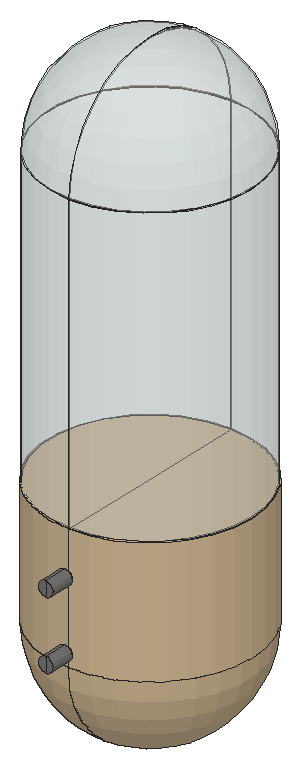
Revit family "CÚPULA DE PAREDE PARA SER FELIZ", category Mobiliário, Revit 2021
Family settings
  Número OmniClass = 23.40.20.00
  Título OmniClass = General Furniture and Specialties
  Com base no plano de trabalho = Não
  Sempre na vertical = Sim
  Corte com vazios quando carregada = Não
  Compartilhado = Não
  Ponto de cálculo do ambiente = Não
Parameters
  Elevação padrão = 0 mm
Reference planes
  plane 1 "Centro (Frente/Trás)": y = 0
  plane 2: z = 0
  plane 3 "Centro (Esquerda/Direita)": x = 0
Forms (mm)
  Revolve 1, solid, material "MADEIRA NATURAL"
    sketch origin (0, 0, 0) x (0, 1, 0) y (0, 0, 1)
      loop
        line (-455.735, 96.13) -> (-455.735, 296.13) -> (-545.735, 296.13) -> (-545.735, 186.13)
        arc (-545.735, 186.13) -> (-519.375, 122.491) -> (-455.735, 96.13) r 90
      axis (-455.735, 296.13) -> (-455.735, 96.13)
    angle from 0 to 360
  Revolve 2, solid, material ".LR_VIDRO"
    sketch origin (0, 90, 215) x (0, 1, 0) y (0, 0, 1)
      loop
        line (-456.235, 81.13) -> (-456.235, 341.13)
        arc (-456.235, 341.13) -> (-482.449, 404.416) -> (-545.735, 430.63) r 89.5
        line (-545.735, 430.63) -> (-545.735, 429.63)
        arc (-545.735, 429.63) -> (-483.157, 403.709) -> (-457.235, 341.13) r 88.5
        line (-457.235, 341.13) -> (-457.235, 81.13) -> (-456.235, 81.13)
      axis (-545.735, 430.63) -> (-545.735, 81.13)
    angle from 0 to 360
  Revolve 3, solid, material "AÇO"
    sketch origin (0, 0.388, 0) x (0, 1, 0) y (0, 0, 1)
      loop
        line (-546.151, 259.75) -> (-546.151, 261.756) -> (-550.63, 266.235) -> (-571.151, 266.235) -> (-571.151, 259.75) -> (-546.151, 259.75)
      axis (-546.151, 259.75) -> (-571.151, 259.75)
    angle from 0 to 360
  Revolve 4, solid, material "AÇO"
    sketch origin (0, 0.388, -60) x (0, 1, 0) y (0, 0, 1)
      loop
        line (-546.151, 259.75) -> (-546.151, 261.756) -> (-550.63, 266.235) -> (-571.151, 266.235) -> (-571.151, 259.75) -> (-546.151, 259.75)
      axis (-546.151, 259.75) -> (-571.151, 259.75)
    angle from 0 to 360
Lines and regions (mm)
  symbolic lines
    curve 1: circle (0, 0, 0) r 250 normal (0, 0, 1)
Dimensions and locks
  aligned and locked: level to plane 2
